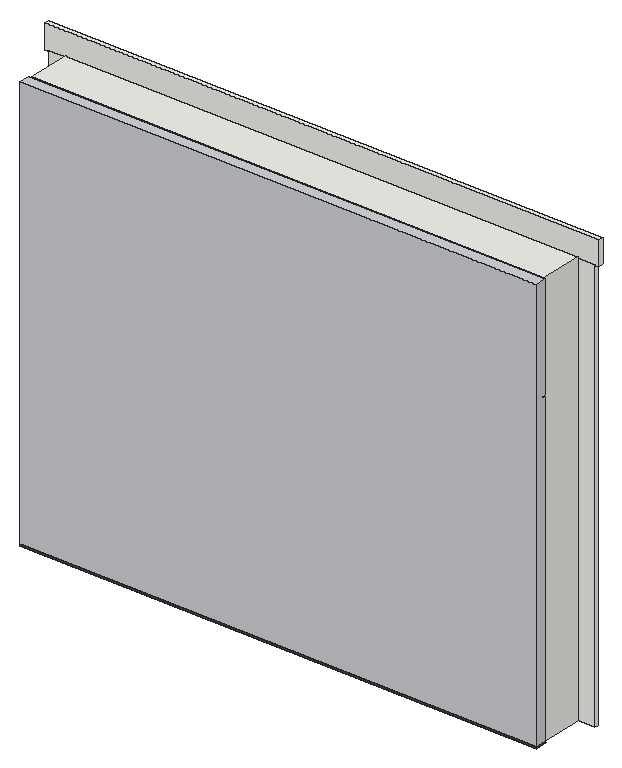
Revit family "0038_M_DR_W_overhead-sectional-flush", category 문, Revit 2026
Family settings
  호스트 = 벽
  항상 수직 = 예
  로드될 때 보이드를 사용하여 절단 = 아니오
  공유 = 아니오
  룸 계산 점 = 아니오
Parameters (values of type "96" x 78"")
  기능 = 내부
  Trim Width = 0' - 3 1/2"
  Trim Visibility = yes
  Trim Material = none
  Panel Material = none
  조합 코드 = "B2030410"
  Height = 6' - 6"
  두께 = 0' - 2"
  벽 마무리 = 호스트별
  Width = 8' - 0"
Types (12): name | Height | Width
  96" x 78" | 6' - 6" | 8' - 0"
  96" x 84" | 7' - 0" | 8' - 0"
  96" x 96" | 8' - 0" | 8' - 0"
  120" x 78" | 6' - 6" | 10' - 0"
  192" x 78" | 6' - 6" | 16' - 0"
  216" x 78" | 6' - 6" | 18' - 0"
  120" x 84" | 7' - 0" | 10' - 0"
  120" x 96" | 8' - 0" | 10' - 0"
  192" x 84" | 7' - 0" | 16' - 0"
  192" x 96" | 8' - 0" | 16' - 0"
  216" x 84" | 7' - 0" | 18' - 0"
  216" x 96" | 8' - 0" | 18' - 0"
Reference planes (in)
  plane 1: y = 0
  plane 2: z = 0
  plane 3: x = 0
  plane 4: x = -48
  plane 5: x = 48
  plane 6: z = 78
  plane 7: z = 39
  plane 8: z = 58.5
  plane 9: z = 19.5
  plane 10: y = -4.25
  plane 11: y = -6.25
  plane 12: y = 4
  plane 13: y = 4.75
  plane 14: y = 4.875
  plane 15: y = -5.25
  plane 16: x = 48.5
  plane 17: x = -48.5
  plane 18: y = -82.25
  plane 19: z = 81.5
Forms (in)
  Extrusion 1, solid, material <- "Panel Material"
    sketch origin (48, -4, 19.5) x (0, 0, -1) y (-1, 0, 0)
      loop
        line (19.25, -0.5) -> (19.25, 96.5) -> (-58.5, 96.5) -> (-58.5, -0.5) -> (19.25, -0.5)
    from -2.25 to -0.25
  Sweep 2, solid, material <- "Trim Material", visible <- "Trim Visibility", detail levels medium+fine
    path in 3D
      loop
        line (48, 4, 0) -> (48, 4, 78) -> (-48, 4, 78) -> (-48, 4, 0)
    profile origin (48, 4, 39) x (0, 1, 0) y (-1, 0, 0)
      loop
        line (0, 0.75) -> (-8, 0.75) -> (-8, 0) -> (0, 0) -> (0, 0.75)
  Extrusion 3, void
    sketch origin (0, 0, 0) x (0, 1, 0) y (0, 0, 1)
      loop
        line (-5.25, 58.5) -> (-4.25, 58.3125) -> (-4.25, 58.5) -> (-5.25, 58.5)
      loop
        line (-5.25, 39) -> (-4.25, 38.8125) -> (-4.25, 39) -> (-5.25, 39)
      loop
        line (-5.25, 19.5) -> (-4.25, 19.3125) -> (-4.25, 19.5) -> (-5.25, 19.5)
    from -48.5 to 48.5
  Extrusion 4, solid, material "Rubber - Black"
    sketch origin (0, 0, 0) x (0, 1, 0) y (0, 0, 1)
      loop
        line (-4.25, 0.25) -> (-6.25, 0.25) -> (-6.25, 0) -> (-4, 0) -> (-4.25, 0.25)
    from -48.5 to 48.5
  Extrusion 5, solid, material <- "Trim Material", visible <- "Trim Visibility", detail levels medium+fine
    sketch origin (48, -4, 19.5) x (0, 0, -1) y (-1, 0, 0)
      loop
        line (-58.25, -3.25) -> (19.5, -3.25) -> (19.5, 0.25) -> (-58.25, 0.25) -> (-58.25, -3.25)
      loop
        line (-58.25, 95.75) -> (19.5, 95.75) -> (19.5, 99.25) -> (-58.25, 99.25) -> (-58.25, 95.75)
    from 8 to 8.75
  Extrusion 6, solid, material <- "Trim Material", visible <- "Trim Visibility", detail levels medium+fine
    sketch origin (48, -4, 19.5) x (0, 0, -1) y (-1, 0, 0)
      loop
        line (-62.75, -4) -> (-58.25, -4) -> (-58.25, 100) -> (-62.75, 100) -> (-62.75, -4)
    from 8 to 8.875
Cuts and joins
  Extrusion 3 cuts Extrusion 1
  Extrusion 3 cuts Sweep 2
Lines and regions (in)
  Opening 1
    outline origin (-130, -4, 0) x (1, 0, 0) y (0, 0, 1)
      loop
        line (82, 0) -> (178, 0) -> (178, 78) -> (82, 78) -> (82, 0)
  symbolic lines, style "Elevation Swing"
    curve 1: arc (0, -4, 78) -> (0, -7.92722, 87.48114) -> (0, -17.40836, 91.40836) r 13.40836
    curve 2: line (0, -17.40836, 91.40836) -> (0, -95.40836, 91.40836)
    curve 6: line (-48.5, -82.25, 0) -> (48.5, -82.25, 0)
    curve 7: line (48.5, -82.25, 0) -> (48.5, -6.25, 0)
    curve 8: line (-48.5, -5.25, 0) -> (-48.5, -82.25, 0)
  sketch lines
    curve 3: line (48, 4, 0) -> (48, 4, 78)
    curve 4: line (48, 4, 78) -> (-48, 4, 78)
    curve 5: line (-48, 4, 78) -> (-48, 4, 0)
Text (in)
  text "Exterior" at (-71.3756, 14.84512, 0), in view "Floor Line"
  text "Exterior" at (0, 34.98637, 123.39349), in view "Right"
Dimensions and locks (in)
  equal spacing: plane 4, plane 3, plane 5
  "Width": plane 4 to plane 5
  "Height": plane 2 to plane 6
  locked: plane 10 to host wall at 0.25
  "두께": plane 11 to plane 10
  plane 12 to host wall = 0' - 0"
  locked: plane 13 to plane 12 at 0.75
  locked: plane 14 to plane 12 at 0.875
  equal spacing: plane 10, plane 15, plane 11
  locked: plane 5 to plane 16 at 0.5
  locked: plane 17 to plane 4 at 0.5
  equal spacing: plane 2, plane 9, plane 7, plane 8, plane 6
  locked: Extrusion 3 sketch curve to plane 8 at 0.1875
  locked: Extrusion 3 sketch curve to plane 7 at 0.1875
  locked: Extrusion 3 sketch curve to plane 9 at 0.1875
  locked: plane 2 to Extrusion 1 sketch curve at 0.25
  "Height": plane 18 to plane 10
  locked: Extrusion 5 sketch curve to plane 5 at 0.25
  "Trim Width": Extrusion 5 sketch curve to Extrusion 5 sketch curve  (x2)
  locked: Extrusion 5 sketch curve to plane 6 at 0.25  (x2)
  locked: plane 4 to Extrusion 5 sketch curve at 0.25
  locked: Extrusion 6 sketch curve to plane 6 at 0.25
  "Trim Width": Extrusion 6 sketch curve to plane 16
  "Trim Width": plane 17 to Extrusion 6 sketch curve
  "Trim Width": plane 6 to plane 19
  locked: plane 19 to Extrusion 6 sketch curve at 0.75
  aligned and locked: plane 4 to Opening 1 sketch curve
  aligned and locked: plane 6 to Opening 1 sketch curve  (x2)
  aligned and locked: Opening 1 sketch curve to plane 5
  aligned and locked: Opening 1 sketch curve to level
  aligned and locked: host wall to curve 1
  aligned and locked: Extrusion 1 to plane 10
  aligned and locked: plane 11 to Extrusion 1
  aligned and locked: plane 6 to Extrusion 1 sketch curve
  aligned and locked: profile plane to Sweep 2 sketch curve  (x2)
  aligned and locked: Sweep 2 sketch curve to host wall
  aligned and locked: host wall to plane 12
  aligned and locked: Extrusion 3 sketch curve to plane 10  (x3)
  aligned and locked: plane 8 to Extrusion 3 sketch curve
  aligned and locked: plane 7 to Extrusion 3 sketch curve
  aligned and locked: plane 9 to Extrusion 3 sketch curve
  aligned and locked: Extrusion 1 sketch curve to plane 16
  aligned and locked: Extrusion 1 to Extrusion 3
  aligned and locked: plane 17 to Extrusion 1 sketch curve
  aligned and locked: Extrusion 3 to Extrusion 1
  aligned and locked: Extrusion 4 sketch curve to cut or joined group of Extrusion 1, Extrusion 3
  aligned and locked: Extrusion 4 sketch curve to level
  aligned and locked: plane 11 to Extrusion 4 sketch curve
  aligned and locked: cut or joined group of Extrusion 1, Extrusion 3 to Extrusion 4
  aligned and locked: Extrusion 4 to cut or joined group of Extrusion 1, Extrusion 3
  aligned and locked: curve 7 to plane 16
  aligned and locked: Extrusion 5 to plane 12
  aligned and locked: plane 13 to Extrusion 5
  aligned and locked: level to Extrusion 5 sketch curve  (x2)
  aligned and locked: Extrusion 6 to plane 12
  aligned and locked: plane 14 to Extrusion 6
Automatic sketch dimensions
  curve 1 to plane 6 = 0' - 0"
  curve 1 to curve 1 = 1' - 1.40836"
  profile plane to Sweep 2 sketch curve = 0' - 0 3/4"
  Extrusion 3 sketch curve to plane 15 = 0' - 0"  (x3)
  Extrusion 4 sketch curve to plane 10 = 0' - 0"
  Extrusion 4 sketch curve to host wall = 0' - 0"
  curve 2 to curve 1 = 6' - 6"
  curve 8 to plane 17 = 0' - 0"
  curve 7 to plane 11 = 0' - 0"
  curve 7 to plane 18 = 0' - 0"
  plane 10 to curve 8 = 0' - 1"
